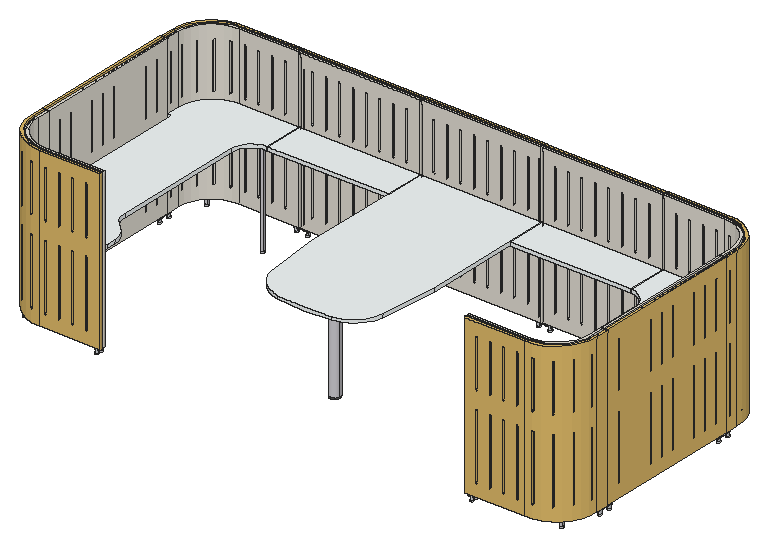
Revit family "1", category Furniture, Revit 2017
Family settings
  OmniClass Number = 23.40.20.00
  OmniClass Title = General Furniture and Specialties
  Work Plane-Based = No
  Always vertical = Yes
  Cut with Voids When Loaded = No
  Shared = No
  Room Calculation Point = No
Parameters (values of type "MZ16(White/Chamomile/Vanilla)")
  Serial No. [instance] = ""
  Remarks = ""
  Product Specifications [instance] = "70 14/16''W (1800W) 47 7/8''H (1215H)"  # constant formula
  Product Number = "MM31CH"  # constant formula
  Product Name [instance] = "Station team unit Double round type"  # constant formula
  Product Code [instance] = "MM31CH"  # constant formula
  Product Categories = "Muffle"  # constant formula
  Panel_Interior = okm_F024
  Panel_Exterior = okm_F027
  Manufacturer = "Okamura Corporation"  # constant formula
  Trim = okm_ZC11
  Leg = okm_Z637
  Kind = "Individual booth unit"  # constant formula
  Keynote = "12490"  # constant formula
  Introduction Date [instance] = ""
  Desktop = okm_MG99
  Common Specification = ""
  Color Name [instance] = "White/Chamomile/Vanilla"
  Color Code [instance] = "MZ16"
  Assembly Code = "E2020200"
  W = 1800.0 mm  # constant formula
  URL = "http://www.okamura.co.jp/"
  Product_URL = ""
  ID [instance] = ""
  H = 1215.0 mm  # constant formula
  D = 4200.0 mm  # constant formula
  Copyright [instance] = "©2019.08 okamura Corp."  # constant formula
Reference planes
  plane 1 "Front": y = -350
  plane 2: z = 0
  plane 3 "Left": x = 0
  plane 4 "Right": x = 4200
  plane 5 "Top": z = 1215
  plane 6 "Back": y = 1450
  plane 7: y = 1500
  plane 8: y = -400
  plane 9: y = 0
Forms (mm)
  Extrusion 1, solid, material "okm_F024" <- "Panel_Interior"
    sketch origin (1300, 0, 0) x (1, 0, 0) y (0, 1, 0)
      loop
        arc (-1268, 1104.12) -> (-1258.969, 1100) -> (-1250, 1104.253) r 11.768
        line (-1250, 1104.253) -> (-1250, 1200.179)
        arc (-1250, 1200.179) -> (-1176.829, 1376.829) -> (-1000.179, 1450) r 249.821
        line (-1000.179, 1450) -> (-554.331, 1450)
        arc (-554.331, 1450) -> (-550.211, 1459.031) -> (-554.464, 1468) r 11.768
        line (-554.464, 1468) -> (-1000.179, 1468)
        arc (-1000.179, 1468) -> (-1189.557, 1389.557) -> (-1268, 1200.179) r 267.821
        line (-1268, 1200.179) -> (-1268, 1104.12)
      loop
        line (2868, 1104.12) -> (2868, 1200.179)
        arc (2868, 1200.179) -> (2789.557, 1389.557) -> (2600.179, 1468) r 267.821
        line (2600.179, 1468) -> (2154.476, 1468)
        arc (2154.476, 1468) -> (2150.223, 1459.031) -> (2154.343, 1450) r 11.768
        line (2154.343, 1450) -> (2600.179, 1450)
        arc (2600.179, 1450) -> (2776.829, 1376.829) -> (2850, 1200.179) r 249.821
        line (2850, 1200.179) -> (2850, 1104.253)
        arc (2850, 1104.253) -> (2858.969, 1100) -> (2868, 1104.12) r 11.768
      loop
        line (-545.633, 1450) -> (345.669, 1450)
        arc (345.669, 1450) -> (349.789, 1459.031) -> (345.536, 1468) r 11.768
        line (345.536, 1468) -> (-545.5, 1468)
        arc (-545.5, 1468) -> (-549.753, 1459.031) -> (-545.633, 1450) r 11.768
      loop
        arc (2145.645, 1450) -> (2149.764, 1459.031) -> (2145.512, 1468) r 11.768
        line (2145.512, 1468) -> (1254.5, 1468)
        arc (1254.5, 1468) -> (1250.247, 1459.031) -> (1254.367, 1450) r 11.768
        line (1254.367, 1450) -> (2145.645, 1450)
      loop
        line (354.367, 1450) -> (1245.669, 1450)
        arc (1245.669, 1450) -> (1249.789, 1459.031) -> (1245.536, 1468) r 11.768
        line (1245.536, 1468) -> (354.5, 1468)
        arc (354.5, 1468) -> (350.247, 1459.031) -> (354.367, 1450) r 11.768
      loop
        line (-1268, 1095.789) -> (-1268, 4.167)
        arc (-1268, 4.167) -> (-1258.969, 0.048) -> (-1250, 4.3) r 11.768
        line (-1250, 4.3) -> (-1250, 1095.655)
        arc (-1250, 1095.655) -> (-1258.969, 1099.908) -> (-1268, 1095.789) r 11.768
      loop
        line (-1268, -4.12) -> (-1268, -100.179)
        arc (-1268, -100.179) -> (-1189.557, -289.557) -> (-1000.179, -368) r 267.821
        line (-1000.179, -368) -> (-554.464, -368)
        arc (-554.464, -368) -> (-550.211, -359.031) -> (-554.331, -350) r 11.768
        line (-554.331, -350) -> (-1000.179, -350)
        arc (-1000.179, -350) -> (-1176.829, -276.829) -> (-1250, -100.179) r 249.821
        line (-1250, -100.179) -> (-1250, -4.253)
        arc (-1250, -4.253) -> (-1258.969, 0) -> (-1268, -4.12) r 11.768
      loop
        arc (2868, 1095.789) -> (2858.969, 1099.908) -> (2850, 1095.655) r 11.768
        line (2850, 1095.655) -> (2850, 4.3)
        arc (2850, 4.3) -> (2858.969, 0.048) -> (2868, 4.167) r 11.768
        line (2868, 4.167) -> (2868, 1095.789)
      loop
        arc (2868, -4.12) -> (2858.969, 0) -> (2850, -4.253) r 11.768
        line (2850, -4.253) -> (2850, -100.179)
        arc (2850, -100.179) -> (2776.829, -276.829) -> (2600.179, -350) r 249.821
        line (2600.179, -350) -> (2154.331, -350)
        arc (2154.331, -350) -> (2150.211, -359.031) -> (2154.464, -368) r 11.768
        line (2154.464, -368) -> (2600.179, -368)
        arc (2600.179, -368) -> (2789.557, -289.557) -> (2868, -100.179) r 267.821
        line (2868, -100.179) -> (2868, -4.12)
    from 50 to 1215
  Extrusion 2, solid, material "okm_Z637" <- "Leg"
    sketch origin (1300, 0, 0) x (1, 0, 0) y (0, 1, 0)
      loop
        circle (-1192.86, 1394.434) r 12
      loop
        circle (-1192.81, -294.363) r 12
      loop
        circle (2792.956, 1394.434) r 12
      loop
        circle (2792.906, -294.363) r 12
      loop
        circle (2193.288, -337.142) r 12
      loop
        circle (2193.35, 1162.878) r 12
      loop
        circle (-593.287, -337.142) r 12
      loop
        circle (-593.35, 1162.878) r 12
    from 0 to 4
  Extrusion 3, solid, material "okm_Z637" <- "Leg"
    sketch origin (1300, 0, 0) x (1, 0, 0) y (0, 1, 0)
      loop
        circle (-1192.873, 1394.439) r 7.5
      loop
        circle (2792.905, 1394.442) r 7.5
      loop
        circle (2792.817, -294.447) r 7.5
      loop
        circle (-1192.774, -294.486) r 7.5
      loop
        circle (-593.295, 1162.857) r 7.5
      loop
        circle (-593.295, -337.142) r 7.5
      loop
        circle (2193.239, 1162.792) r 7.5
      loop
        circle (2193.239, -337.142) r 7.5
    from 4 to 10
  Extrusion 4, solid, material "okm_Z637" <- "Leg"
    sketch origin (1300, 0, 0) x (1, 0, 0) y (0, 1, 0)
      loop
        circle (-1192.9, 1394.451) r 9.25
      loop
        circle (-1192.885, -294.446) r 9.25
      loop
        circle (2792.9, 1394.451) r 9.25
      loop
        circle (2792.886, -294.446) r 9.25
    from 10 to 50
  Extrusion 5, solid, material "okm_Z637" <- "Leg"
    sketch origin (1300, 0, 0) x (1, 0, 0) y (0, 1, 0)
      loop
        circle (-593.295, 1162.833) r 9.5
      loop
        circle (-593.259, -337.15) r 9.5
      loop
        circle (2193.296, 1162.833) r 9.5
      loop
        circle (2193.296, -337.135) r 9.5
    from 10 to 695
  Extrusion 6, solid, material "okm_Z637" <- "Leg"
    sketch origin (1300, 0, 0) x (1, 0, 0) y (0, 1, 0)
      loop
        line (-574.999, 1468) -> (-524.999, 1468) -> (-524.999, 1482) -> (-574.999, 1482) -> (-574.999, 1468)
      loop
        line (372.911, 1468) -> (372.911, 1482) -> (323.949, 1482) -> (323.949, 1468) -> (372.911, 1468)
      loop
        line (1273.949, 1468) -> (1273.949, 1482) -> (1224.988, 1482) -> (1224.988, 1468) -> (1273.949, 1468)
      loop
        line (2174.481, 1468) -> (2174.481, 1482) -> (2125.52, 1482) -> (2125.52, 1468) -> (2174.481, 1468)
      loop
        line (-1269.05, 1124.46) -> (-1283.05, 1124.46) -> (-1283.05, 1075.499) -> (-1269.05, 1075.499) -> (-1269.05, 1124.46)
      loop
        line (-1269.05, 24.46) -> (-1283.05, 24.46) -> (-1283.05, -24.502) -> (-1269.05, -24.502) -> (-1269.05, 24.46)
      loop
        line (2869.051, 1124.46) -> (2869.051, 1075.499) -> (2883.051, 1075.499) -> (2883.051, 1124.46) -> (2869.051, 1124.46)
      loop
        line (2869.051, 24.46) -> (2869.051, -24.502) -> (2883.051, -24.502) -> (2883.051, 24.46) -> (2869.051, 24.46)
    from 30 to 50
  Extrusion 7, void
    sketch origin (1265.485, 748.146, 0) x (1, 0, 0) y (0, 0, -1)
      loop
        line (-807.965, -629.959) -> (-807.965, -150.045)
        arc (-807.965, -150.045) -> (-815.467, -142.544) -> (-822.968, -150.045) r 7.501
        line (-822.968, -150.045) -> (-822.968, -629.959)
        arc (-822.968, -629.959) -> (-815.467, -637.46) -> (-807.965, -629.959) r 7.501
      loop
        line (-707.965, -629.959) -> (-707.965, -150.045)
        arc (-707.965, -150.045) -> (-715.467, -142.544) -> (-722.968, -150.045) r 7.501
        line (-722.968, -150.045) -> (-722.968, -629.959)
        arc (-722.968, -629.959) -> (-715.467, -637.46) -> (-707.965, -629.959) r 7.501
      loop
        line (-607.965, -629.959) -> (-607.965, -150.045)
        arc (-607.965, -150.045) -> (-615.467, -142.544) -> (-622.968, -150.045) r 7.501
        line (-622.968, -150.045) -> (-622.968, -629.959)
        arc (-622.968, -629.959) -> (-615.467, -637.46) -> (-607.965, -629.959) r 7.501
      loop
        line (-408.031, -629.959) -> (-408.031, -150.045)
        arc (-408.031, -150.045) -> (-415.532, -142.544) -> (-423.033, -150.045) r 7.501
        line (-423.033, -150.045) -> (-423.033, -629.959)
        arc (-423.033, -629.959) -> (-415.532, -637.46) -> (-408.031, -629.959) r 7.501
      loop
        line (-107.981, -629.959) -> (-107.981, -150.045)
        arc (-107.981, -150.045) -> (-115.482, -142.544) -> (-122.984, -150.045) r 7.501
        line (-122.984, -150.045) -> (-122.984, -629.959)
        arc (-122.984, -629.959) -> (-115.482, -637.46) -> (-107.981, -629.959) r 7.501
      loop
        line (-308.031, -629.959) -> (-308.031, -150.045)
        arc (-308.031, -150.045) -> (-315.532, -142.544) -> (-323.033, -150.045) r 7.501
        line (-323.033, -150.045) -> (-323.033, -629.959)
        arc (-323.033, -629.959) -> (-315.532, -637.46) -> (-308.031, -629.959) r 7.501
      loop
        line (-207.954, -629.959) -> (-207.954, -150.045)
        arc (-207.954, -150.045) -> (-215.456, -142.544) -> (-222.957, -150.045) r 7.501
        line (-222.957, -150.045) -> (-222.957, -629.959)
        arc (-222.957, -629.959) -> (-215.456, -637.46) -> (-207.954, -629.959) r 7.501
      loop
        line (-7.981, -629.959) -> (-7.981, -150.045)
        arc (-7.981, -150.045) -> (-15.482, -142.544) -> (-22.984, -150.045) r 7.501
        line (-22.984, -150.045) -> (-22.984, -629.959)
        arc (-22.984, -629.959) -> (-15.482, -637.46) -> (-7.981, -629.959) r 7.501
      loop
        line (92.019, -629.959) -> (92.019, -150.045)
        arc (92.019, -150.045) -> (84.518, -142.544) -> (77.016, -150.045) r 7.501
        line (77.016, -150.045) -> (77.016, -629.959)
        arc (77.016, -629.959) -> (84.518, -637.46) -> (92.019, -629.959) r 7.501
      loop
        line (192.019, -629.959) -> (192.019, -150.045)
        arc (192.019, -150.045) -> (184.518, -142.544) -> (177.016, -150.045) r 7.501
        line (177.016, -150.045) -> (177.016, -629.959)
        arc (177.016, -629.959) -> (184.518, -637.46) -> (192.019, -629.959) r 7.501
      loop
        line (292.019, -629.959) -> (292.019, -150.045)
        arc (292.019, -150.045) -> (284.518, -142.544) -> (277.016, -150.045) r 7.501
        line (277.016, -150.045) -> (277.016, -629.959)
        arc (277.016, -629.959) -> (284.518, -637.46) -> (292.019, -629.959) r 7.501
      loop
        line (491.969, -629.959) -> (491.969, -150.045)
        arc (491.969, -150.045) -> (484.468, -142.544) -> (476.967, -150.045) r 7.501
        line (476.967, -150.045) -> (476.967, -629.959)
        arc (476.967, -629.959) -> (484.468, -637.46) -> (491.969, -629.959) r 7.501
      loop
        line (792.019, -629.959) -> (792.019, -150.045)
        arc (792.019, -150.045) -> (784.518, -142.544) -> (777.016, -150.045) r 7.501
        line (777.016, -150.045) -> (777.016, -629.959)
        arc (777.016, -629.959) -> (784.518, -637.46) -> (792.019, -629.959) r 7.501
      loop
        line (591.969, -629.959) -> (591.969, -150.045)
        arc (591.969, -150.045) -> (584.468, -142.544) -> (576.967, -150.045) r 7.501
        line (576.967, -150.045) -> (576.967, -629.959)
        arc (576.967, -629.959) -> (584.468, -637.46) -> (591.969, -629.959) r 7.501
      loop
        line (692.046, -629.959) -> (692.046, -150.045)
        arc (692.046, -150.045) -> (684.544, -142.544) -> (677.043, -150.045) r 7.501
        line (677.043, -150.045) -> (677.043, -629.959)
        arc (677.043, -629.959) -> (684.544, -637.46) -> (692.046, -629.959) r 7.501
      loop
        line (892.019, -629.959) -> (892.019, -150.045)
        arc (892.019, -150.045) -> (884.518, -142.544) -> (877.016, -150.045) r 7.501
        line (877.016, -150.045) -> (877.016, -629.959)
        arc (877.016, -629.959) -> (884.518, -637.46) -> (892.019, -629.959) r 7.501
      loop
        line (992.019, -629.959) -> (992.019, -150.045)
        arc (992.019, -150.045) -> (984.518, -142.544) -> (977.016, -150.045) r 7.501
        line (977.016, -150.045) -> (977.016, -629.959)
        arc (977.016, -629.959) -> (984.518, -637.46) -> (992.019, -629.959) r 7.501
      loop
        line (1092.019, -629.959) -> (1092.019, -150.045)
        arc (1092.019, -150.045) -> (1084.518, -142.544) -> (1077.016, -150.045) r 7.501
        line (1077.016, -150.045) -> (1077.016, -629.959)
        arc (1077.016, -629.959) -> (1084.518, -637.46) -> (1092.019, -629.959) r 7.501
      loop
        line (1192.019, -629.959) -> (1192.019, -150.045)
        arc (1192.019, -150.045) -> (1184.518, -142.544) -> (1177.016, -150.045) r 7.501
        line (1177.016, -150.045) -> (1177.016, -629.959)
        arc (1177.016, -629.959) -> (1184.518, -637.46) -> (1192.019, -629.959) r 7.501
      loop
        line (1391.969, -629.959) -> (1391.969, -150.045)
        arc (1391.969, -150.045) -> (1384.468, -142.544) -> (1376.967, -150.045) r 7.501
        line (1376.967, -150.045) -> (1376.967, -629.959)
        arc (1376.967, -629.959) -> (1384.468, -637.46) -> (1391.969, -629.959) r 7.501
      loop
        line (1692.019, -629.959) -> (1692.019, -150.045)
        arc (1692.019, -150.045) -> (1684.518, -142.544) -> (1677.016, -150.045) r 7.501
        line (1677.016, -150.045) -> (1677.016, -629.959)
        arc (1677.016, -629.959) -> (1684.518, -637.46) -> (1692.019, -629.959) r 7.501
      loop
        line (1491.969, -629.959) -> (1491.969, -150.045)
        arc (1491.969, -150.045) -> (1484.468, -142.544) -> (1476.967, -150.045) r 7.501
        line (1476.967, -150.045) -> (1476.967, -629.959)
        arc (1476.967, -629.959) -> (1484.468, -637.46) -> (1491.969, -629.959) r 7.501
      loop
        line (1592.046, -629.959) -> (1592.046, -150.045)
        arc (1592.046, -150.045) -> (1584.544, -142.544) -> (1577.043, -150.045) r 7.501
        line (1577.043, -150.045) -> (1577.043, -629.959)
        arc (1577.043, -629.959) -> (1584.544, -637.46) -> (1592.046, -629.959) r 7.501
      loop
        line (1792.019, -629.959) -> (1792.019, -150.045)
        arc (1792.019, -150.045) -> (1784.518, -142.544) -> (1777.016, -150.045) r 7.501
        line (1777.016, -150.045) -> (1777.016, -629.959)
        arc (1777.016, -629.959) -> (1784.518, -637.46) -> (1792.019, -629.959) r 7.501
      loop
        line (1892.019, -629.959) -> (1892.019, -150.045)
        arc (1892.019, -150.045) -> (1884.518, -142.544) -> (1877.016, -150.045) r 7.501
        line (1877.016, -150.045) -> (1877.016, -629.959)
        arc (1877.016, -629.959) -> (1884.518, -637.46) -> (1892.019, -629.959) r 7.501
      loop
        line (1992.019, -629.959) -> (1992.019, -150.045)
        arc (1992.019, -150.045) -> (1984.518, -142.544) -> (1977.016, -150.045) r 7.501
        line (1977.016, -150.045) -> (1977.016, -629.959)
        arc (1977.016, -629.959) -> (1984.518, -637.46) -> (1992.019, -629.959) r 7.501
      loop
        line (2092.019, -629.959) -> (2092.019, -150.045)
        arc (2092.019, -150.045) -> (2084.518, -142.544) -> (2077.016, -150.045) r 7.501
        line (2077.016, -150.045) -> (2077.016, -629.959)
        arc (2077.016, -629.959) -> (2084.518, -637.46) -> (2092.019, -629.959) r 7.501
      loop
        line (2292.035, -629.959) -> (2292.035, -150.045)
        arc (2292.035, -150.045) -> (2284.533, -142.544) -> (2277.032, -150.045) r 7.501
        line (2277.032, -150.045) -> (2277.032, -629.959)
        arc (2277.032, -629.959) -> (2284.533, -637.46) -> (2292.035, -629.959) r 7.501
      loop
        line (2392.035, -629.959) -> (2392.035, -150.045)
        arc (2392.035, -150.045) -> (2384.533, -142.544) -> (2377.032, -150.045) r 7.501
        line (2377.032, -150.045) -> (2377.032, -629.959)
        arc (2377.032, -629.959) -> (2384.533, -637.46) -> (2392.035, -629.959) r 7.501
      loop
        line (2492.035, -629.959) -> (2492.035, -150.045)
        arc (2492.035, -150.045) -> (2484.533, -142.544) -> (2477.032, -150.045) r 7.501
        line (2477.032, -150.045) -> (2477.032, -629.959)
        arc (2477.032, -629.959) -> (2484.533, -637.46) -> (2492.035, -629.959) r 7.501
      loop
        line (-907.965, -629.959) -> (-907.965, -150.045)
        arc (-907.965, -150.045) -> (-915.467, -142.544) -> (-922.968, -150.045) r 7.501
        line (-922.968, -150.045) -> (-922.968, -629.959)
        arc (-922.968, -629.959) -> (-915.467, -637.46) -> (-907.965, -629.959) r 7.501
      loop
        line (2592.035, -629.959) -> (2592.035, -150.045)
        arc (2592.035, -150.045) -> (2584.533, -142.544) -> (2577.032, -150.045) r 7.501
        line (2577.032, -150.045) -> (2577.032, -629.959)
        arc (2577.032, -629.959) -> (2584.533, -637.46) -> (2592.035, -629.959) r 7.501
      loop
        line (-807.965, -1115.004) -> (-807.965, -770.006)
        arc (-807.965, -770.006) -> (-815.467, -762.505) -> (-822.968, -770.006) r 7.501
        line (-822.968, -770.006) -> (-822.968, -1115.004)
        arc (-822.968, -1115.004) -> (-815.467, -1122.505) -> (-807.965, -1115.004) r 7.501
      loop
        line (-707.965, -1115.004) -> (-707.965, -770.006)
        arc (-707.965, -770.006) -> (-715.467, -762.505) -> (-722.968, -770.006) r 7.501
        line (-722.968, -770.006) -> (-722.968, -1115.004)
        arc (-722.968, -1115.004) -> (-715.467, -1122.505) -> (-707.965, -1115.004) r 7.501
      loop
        line (-607.965, -1115.004) -> (-607.965, -770.006)
        arc (-607.965, -770.006) -> (-615.467, -762.505) -> (-622.968, -770.006) r 7.501
        line (-622.968, -770.006) -> (-622.968, -1115.004)
        arc (-622.968, -1115.004) -> (-615.467, -1122.505) -> (-607.965, -1115.004) r 7.501
      loop
        line (-408.031, -1115.004) -> (-408.031, -770.006)
        arc (-408.031, -770.006) -> (-415.532, -762.505) -> (-423.033, -770.006) r 7.501
        line (-423.033, -770.006) -> (-423.033, -1115.004)
        arc (-423.033, -1115.004) -> (-415.532, -1122.505) -> (-408.031, -1115.004) r 7.501
      loop
        line (-107.981, -1115.004) -> (-107.981, -770.006)
        arc (-107.981, -770.006) -> (-115.482, -762.505) -> (-122.984, -770.006) r 7.501
        line (-122.984, -770.006) -> (-122.984, -1115.004)
        arc (-122.984, -1115.004) -> (-115.482, -1122.505) -> (-107.981, -1115.004) r 7.501
      loop
        line (-308.031, -1115.004) -> (-308.031, -770.006)
        arc (-308.031, -770.006) -> (-315.532, -762.505) -> (-323.033, -770.006) r 7.501
        line (-323.033, -770.006) -> (-323.033, -1115.004)
        arc (-323.033, -1115.004) -> (-315.532, -1122.505) -> (-308.031, -1115.004) r 7.501
      loop
        line (-207.954, -1115.004) -> (-207.954, -770.006)
        arc (-207.954, -770.006) -> (-215.456, -762.505) -> (-222.957, -770.006) r 7.501
        line (-222.957, -770.006) -> (-222.957, -1115.004)
        arc (-222.957, -1115.004) -> (-215.456, -1122.505) -> (-207.954, -1115.004) r 7.501
      loop
        line (-7.981, -1115.004) -> (-7.981, -770.006)
        arc (-7.981, -770.006) -> (-15.482, -762.505) -> (-22.984, -770.006) r 7.501
        line (-22.984, -770.006) -> (-22.984, -1115.004)
        arc (-22.984, -1115.004) -> (-15.482, -1122.505) -> (-7.981, -1115.004) r 7.501
      loop
        line (92.019, -1115.004) -> (92.019, -770.006)
        arc (92.019, -770.006) -> (84.518, -762.505) -> (77.016, -770.006) r 7.501
        line (77.016, -770.006) -> (77.016, -1115.004)
        arc (77.016, -1115.004) -> (84.518, -1122.505) -> (92.019, -1115.004) r 7.501
      loop
        line (192.019, -1115.004) -> (192.019, -770.006)
        arc (192.019, -770.006) -> (184.518, -762.505) -> (177.016, -770.006) r 7.501
        line (177.016, -770.006) -> (177.016, -1115.004)
        arc (177.016, -1115.004) -> (184.518, -1122.505) -> (192.019, -1115.004) r 7.501
      loop
        line (292.019, -1115.004) -> (292.019, -770.006)
        arc (292.019, -770.006) -> (284.518, -762.505) -> (277.016, -770.006) r 7.501
        line (277.016, -770.006) -> (277.016, -1115.004)
        arc (277.016, -1115.004) -> (284.518, -1122.505) -> (292.019, -1115.004) r 7.501
      loop
        line (491.969, -1115.004) -> (491.969, -770.006)
        arc (491.969, -770.006) -> (484.468, -762.505) -> (476.967, -770.006) r 7.501
        line (476.967, -770.006) -> (476.967, -1115.004)
        arc (476.967, -1115.004) -> (484.468, -1122.505) -> (491.969, -1115.004) r 7.501
      loop
        line (792.019, -1115.004) -> (792.019, -770.006)
        arc (792.019, -770.006) -> (784.518, -762.505) -> (777.016, -770.006) r 7.501
        line (777.016, -770.006) -> (777.016, -1115.004)
        arc (777.016, -1115.004) -> (784.518, -1122.505) -> (792.019, -1115.004) r 7.501
      loop
        line (591.969, -1115.004) -> (591.969, -770.006)
        arc (591.969, -770.006) -> (584.468, -762.505) -> (576.967, -770.006) r 7.501
        line (576.967, -770.006) -> (576.967, -1115.004)
        arc (576.967, -1115.004) -> (584.468, -1122.505) -> (591.969, -1115.004) r 7.501
      loop
        line (692.046, -1115.004) -> (692.046, -770.006)
        arc (692.046, -770.006) -> (684.544, -762.505) -> (677.043, -770.006) r 7.501
        line (677.043, -770.006) -> (677.043, -1115.004)
        arc (677.043, -1115.004) -> (684.544, -1122.505) -> (692.046, -1115.004) r 7.501
      loop
        line (892.019, -1115.004) -> (892.019, -770.006)
        arc (892.019, -770.006) -> (884.518, -762.505) -> (877.016, -770.006) r 7.501
        line (877.016, -770.006) -> (877.016, -1115.004)
        arc (877.016, -1115.004) -> (884.518, -1122.505) -> (892.019, -1115.004) r 7.501
      loop
        line (992.019, -1115.004) -> (992.019, -770.006)
        arc (992.019, -770.006) -> (984.518, -762.505) -> (977.016, -770.006) r 7.501
        line (977.016, -770.006) -> (977.016, -1115.004)
        arc (977.016, -1115.004) -> (984.518, -1122.505) -> (992.019, -1115.004) r 7.501
      loop
        line (1092.019, -1115.004) -> (1092.019, -770.006)
        arc (1092.019, -770.006) -> (1084.518, -762.505) -> (1077.016, -770.006) r 7.501
        line (1077.016, -770.006) -> (1077.016, -1115.004)
        arc (1077.016, -1115.004) -> (1084.518, -1122.505) -> (1092.019, -1115.004) r 7.501
      loop
        line (1192.019, -1115.004) -> (1192.019, -770.006)
        arc (1192.019, -770.006) -> (1184.518, -762.505) -> (1177.016, -770.006) r 7.501
        line (1177.016, -770.006) -> (1177.016, -1115.004)
        arc (1177.016, -1115.004) -> (1184.518, -1122.505) -> (1192.019, -1115.004) r 7.501
      loop
        line (1391.969, -1115.004) -> (1391.969, -770.006)
        arc (1391.969, -770.006) -> (1384.468, -762.505) -> (1376.967, -770.006) r 7.501
        line (1376.967, -770.006) -> (1376.967, -1115.004)
        arc (1376.967, -1115.004) -> (1384.468, -1122.505) -> (1391.969, -1115.004) r 7.501
      loop
        line (1692.019, -1115.004) -> (1692.019, -770.006)
        arc (1692.019, -770.006) -> (1684.518, -762.505) -> (1677.016, -770.006) r 7.501
        line (1677.016, -770.006) -> (1677.016, -1115.004)
        arc (1677.016, -1115.004) -> (1684.518, -1122.505) -> (1692.019, -1115.004) r 7.501
      loop
        line (1491.969, -1115.004) -> (1491.969, -770.006)
        arc (1491.969, -770.006) -> (1484.468, -762.505) -> (1476.967, -770.006) r 7.501
        line (1476.967, -770.006) -> (1476.967, -1115.004)
        arc (1476.967, -1115.004) -> (1484.468, -1122.505) -> (1491.969, -1115.004) r 7.501
      loop
        line (1592.046, -1115.004) -> (1592.046, -770.006)
        arc (1592.046, -770.006) -> (1584.544, -762.505) -> (1577.043, -770.006) r 7.501
        line (1577.043, -770.006) -> (1577.043, -1115.004)
        arc (1577.043, -1115.004) -> (1584.544, -1122.505) -> (1592.046, -1115.004) r 7.501
      loop
        line (1792.019, -1115.004) -> (1792.019, -770.006)
        arc (1792.019, -770.006) -> (1784.518, -762.505) -> (1777.016, -770.006) r 7.501
        line (1777.016, -770.006) -> (1777.016, -1115.004)
        arc (1777.016, -1115.004) -> (1784.518, -1122.505) -> (1792.019, -1115.004) r 7.501
      loop
        line (1892.019, -1115.004) -> (1892.019, -770.006)
        arc (1892.019, -770.006) -> (1884.518, -762.505) -> (1877.016, -770.006) r 7.501
        line (1877.016, -770.006) -> (1877.016, -1115.004)
        arc (1877.016, -1115.004) -> (1884.518, -1122.505) -> (1892.019, -1115.004) r 7.501
      loop
        line (1992.019, -1115.004) -> (1992.019, -770.006)
        arc (1992.019, -770.006) -> (1984.518, -762.505) -> (1977.016, -770.006) r 7.501
        line (1977.016, -770.006) -> (1977.016, -1115.004)
        arc (1977.016, -1115.004) -> (1984.518, -1122.505) -> (1992.019, -1115.004) r 7.501
      loop
        line (2092.019, -1115.004) -> (2092.019, -770.006)
        arc (2092.019, -770.006) -> (2084.518, -762.505) -> (2077.016, -770.006) r 7.501
        line (2077.016, -770.006) -> (2077.016, -1115.004)
        arc (2077.016, -1115.004) -> (2084.518, -1122.505) -> (2092.019, -1115.004) r 7.501
      loop
        line (2292.035, -1115.004) -> (2292.035, -770.006)
        arc (2292.035, -770.006) -> (2284.533, -762.505) -> (2277.032, -770.006) r 7.501
        line (2277.032, -770.006) -> (2277.032, -1115.004)
        arc (2277.032, -1115.004) -> (2284.533, -1122.505) -> (2292.035, -1115.004) r 7.501
      loop
        line (2392.035, -1115.004) -> (2392.035, -770.006)
        arc (2392.035, -770.006) -> (2384.533, -762.505) -> (2377.032, -770.006) r 7.501
        line (2377.032, -770.006) -> (2377.032, -1115.004)
        arc (2377.032, -1115.004) -> (2384.533, -1122.505) -> (2392.035, -1115.004) r 7.501
      loop
        line (2492.035, -1115.004) -> (2492.035, -770.006)
        arc (2492.035, -770.006) -> (2484.533, -762.505) -> (2477.032, -770.006) r 7.501
        line (2477.032, -770.006) -> (2477.032, -1115.004)
        arc (2477.032, -1115.004) -> (2484.533, -1122.505) -> (2492.035, -1115.004) r 7.501
      loop
        line (-907.965, -1115.004) -> (-907.965, -770.006)
        arc (-907.965, -770.006) -> (-915.467, -762.505) -> (-922.968, -770.006) r 7.501
        line (-922.968, -770.006) -> (-922.968, -1115.004)
        arc (-922.968, -1115.004) -> (-915.467, -1122.505) -> (-907.965, -1115.004) r 7.501
      loop
        line (2592.035, -1115.004) -> (2592.035, -770.006)
        arc (2592.035, -770.006) -> (2584.533, -762.505) -> (2577.032, -770.006) r 7.501
        line (2577.032, -770.006) -> (2577.032, -1115.004)
        arc (2577.032, -1115.004) -> (2584.533, -1122.505) -> (2592.035, -1115.004) r 7.501
    from 694.035 to 755.542
  Extrusion 8, void
    sketch origin (0.13, 0, 0) x (0, -1, 0) y (0, 0, 1)
      loop
        arc (-392.567, 629.983) -> (-400.068, 637.484) -> (-407.569, 629.983) r 7.501
        line (-407.569, 629.983) -> (-407.569, 150.07)
        arc (-407.569, 150.07) -> (-400.068, 142.568) -> (-392.567, 150.07) r 7.501
        line (-392.567, 150.07) -> (-392.567, 629.983)
      loop
        arc (-292.567, 629.983) -> (-300.068, 637.484) -> (-307.569, 629.983) r 7.501
        line (-307.569, 629.983) -> (-307.569, 150.07)
        arc (-307.569, 150.07) -> (-300.068, 142.568) -> (-292.567, 150.07) r 7.501
        line (-292.567, 150.07) -> (-292.567, 629.983)
      loop
        arc (-192.567, 629.983) -> (-200.068, 637.484) -> (-207.569, 629.983) r 7.501
        line (-207.569, 629.983) -> (-207.569, 150.07)
        arc (-207.569, 150.07) -> (-200.068, 142.568) -> (-192.567, 150.07) r 7.501
        line (-192.567, 150.07) -> (-192.567, 629.983)
      loop
        arc (-92.567, 629.983) -> (-100.068, 637.484) -> (-107.569, 629.983) r 7.501
        line (-107.569, 629.983) -> (-107.569, 150.07)
        arc (-107.569, 150.07) -> (-100.068, 142.568) -> (-92.567, 150.07) r 7.501
        line (-92.567, 150.07) -> (-92.567, 629.983)
      loop
        arc (-492.499, 629.983) -> (-500, 637.484) -> (-507.501, 629.983) r 7.501
        line (-507.501, 629.983) -> (-507.501, 150.07)
        arc (-507.501, 150.07) -> (-500, 142.568) -> (-492.499, 150.07) r 7.501
        line (-492.499, 150.07) -> (-492.499, 629.983)
      loop
        arc (40.223, 629.983) -> (32.722, 637.484) -> (25.22, 629.983) r 7.501
        line (25.22, 629.983) -> (25.22, 150.07)
        arc (25.22, 150.07) -> (32.722, 142.568) -> (40.223, 150.07) r 7.501
        line (40.223, 150.07) -> (40.223, 629.983)
      loop
        arc (-992.493, 629.983) -> (-999.964, 637.453) -> (-1007.434, 629.983) r 7.47
        line (-1007.434, 629.983) -> (-1007.434, 150.07)
        arc (-1007.434, 150.07) -> (-999.964, 142.599) -> (-992.493, 150.07) r 7.47
        line (-992.493, 150.07) -> (-992.493, 629.983)
      loop
        arc (-1125.233, 629.983) -> (-1132.734, 637.484) -> (-1140.236, 629.983) r 7.501
        line (-1140.236, 629.983) -> (-1140.236, 150.07)
        arc (-1140.236, 150.07) -> (-1132.734, 142.568) -> (-1125.233, 150.07) r 7.501
        line (-1125.233, 150.07) -> (-1125.233, 629.983)
      loop
        arc (-592.499, 629.983) -> (-600, 637.484) -> (-607.501, 629.983) r 7.501
        line (-607.501, 629.983) -> (-607.501, 150.07)
        arc (-607.501, 150.07) -> (-600, 142.568) -> (-592.499, 150.07) r 7.501
        line (-592.499, 150.07) -> (-592.499, 629.983)
      loop
        arc (-692.431, 629.983) -> (-699.932, 637.484) -> (-707.434, 629.983) r 7.501
        line (-707.434, 629.983) -> (-707.434, 150.07)
        arc (-707.434, 150.07) -> (-699.932, 142.568) -> (-692.431, 150.07) r 7.501
        line (-692.431, 150.07) -> (-692.431, 629.983)
      loop
        arc (-792.431, 629.983) -> (-799.932, 637.484) -> (-807.434, 629.983) r 7.501
        line (-807.434, 629.983) -> (-807.434, 150.07)
        arc (-807.434, 150.07) -> (-799.932, 142.568) -> (-792.431, 150.07) r 7.501
        line (-792.431, 150.07) -> (-792.431, 629.983)
      loop
        arc (-892.363, 629.983) -> (-899.865, 637.484) -> (-907.366, 629.983) r 7.501
        line (-907.366, 629.983) -> (-907.366, 150.07)
        arc (-907.366, 150.07) -> (-899.865, 142.568) -> (-892.363, 150.07) r 7.501
        line (-892.363, 150.07) -> (-892.363, 629.983)
      loop
        arc (-392.567, 1115.004) -> (-400.068, 1122.505) -> (-407.569, 1115.004) r 7.501
        line (-407.569, 1115.004) -> (-407.569, 770.006)
        arc (-407.569, 770.006) -> (-400.068, 762.505) -> (-392.567, 770.006) r 7.501
        line (-392.567, 770.006) -> (-392.567, 1115.004)
      loop
        arc (-292.567, 1115.004) -> (-300.068, 1122.505) -> (-307.569, 1115.004) r 7.501
        line (-307.569, 1115.004) -> (-307.569, 770.006)
        arc (-307.569, 770.006) -> (-300.068, 762.505) -> (-292.567, 770.006) r 7.501
        line (-292.567, 770.006) -> (-292.567, 1115.004)
      loop
        arc (-192.567, 1115.004) -> (-200.068, 1122.505) -> (-207.569, 1115.004) r 7.501
        line (-207.569, 1115.004) -> (-207.569, 770.006)
        arc (-207.569, 770.006) -> (-200.068, 762.505) -> (-192.567, 770.006) r 7.501
        line (-192.567, 770.006) -> (-192.567, 1115.004)
      loop
        arc (-92.567, 1115.004) -> (-100.068, 1122.505) -> (-107.569, 1115.004) r 7.501
        line (-107.569, 1115.004) -> (-107.569, 770.006)
        arc (-107.569, 770.006) -> (-100.068, 762.505) -> (-92.567, 770.006) r 7.501
        line (-92.567, 770.006) -> (-92.567, 1115.004)
      loop
        arc (-492.499, 1115.004) -> (-500, 1122.505) -> (-507.501, 1115.004) r 7.501
        line (-507.501, 1115.004) -> (-507.501, 770.006)
        arc (-507.501, 770.006) -> (-500, 762.505) -> (-492.499, 770.006) r 7.501
        line (-492.499, 770.006) -> (-492.499, 1115.004)
      loop
        arc (40.223, 1115.004) -> (32.722, 1122.505) -> (25.22, 1115.004) r 7.501
        line (25.22, 1115.004) -> (25.22, 770.006)
        arc (25.22, 770.006) -> (32.722, 762.505) -> (40.223, 770.006) r 7.501
        line (40.223, 770.006) -> (40.223, 1115.004)
      loop
        arc (-992.493, 1115.004) -> (-999.964, 1122.474) -> (-1007.434, 1115.004) r 7.47
        line (-1007.434, 1115.004) -> (-1007.434, 770.006)
        arc (-1007.434, 770.006) -> (-999.964, 762.536) -> (-992.493, 770.006) r 7.47
        line (-992.493, 770.006) -> (-992.493, 1115.004)
      loop
        arc (-1125.233, 1115.004) -> (-1132.734, 1122.505) -> (-1140.236, 1115.004) r 7.501
        line (-1140.236, 1115.004) -> (-1140.236, 770.006)
        arc (-1140.236, 770.006) -> (-1132.734, 762.505) -> (-1125.233, 770.006) r 7.501
        line (-1125.233, 770.006) -> (-1125.233, 1115.004)
      loop
        arc (-592.499, 1115.004) -> (-600, 1122.505) -> (-607.501, 1115.004) r 7.501
        line (-607.501, 1115.004) -> (-607.501, 770.006)
        arc (-607.501, 770.006) -> (-600, 762.505) -> (-592.499, 770.006) r 7.501
        line (-592.499, 770.006) -> (-592.499, 1115.004)
      loop
        arc (-692.431, 1115.004) -> (-699.932, 1122.505) -> (-707.434, 1115.004) r 7.501
        line (-707.434, 1115.004) -> (-707.434, 770.006)
        arc (-707.434, 770.006) -> (-699.932, 762.505) -> (-692.431, 770.006) r 7.501
        line (-692.431, 770.006) -> (-692.431, 1115.004)
      loop
        arc (-792.431, 1115.004) -> (-799.932, 1122.505) -> (-807.434, 1115.004) r 7.501
        line (-807.434, 1115.004) -> (-807.434, 770.006)
        arc (-807.434, 770.006) -> (-799.932, 762.505) -> (-792.431, 770.006) r 7.501
        line (-792.431, 770.006) -> (-792.431, 1115.004)
      loop
        arc (-892.363, 1115.004) -> (-899.865, 1122.505) -> (-907.366, 1115.004) r 7.501
        line (-907.366, 1115.004) -> (-907.366, 770.006)
        arc (-907.366, 770.006) -> (-899.865, 762.505) -> (-892.363, 770.006) r 7.501
        line (-892.363, 770.006) -> (-892.363, 1115.004)
    from -56.79 to 8.324
  Extrusion 9, void
    sketch origin (-65.468, 848.091, 0) x (-0.207912, -0.978148, 0) y (0, 0, 1)
      loop
        arc (-392.567, 629.983) -> (-400.068, 637.484) -> (-407.569, 629.983) r 7.501
        line (-407.569, 629.983) -> (-407.569, 150.07)
        arc (-407.569, 150.07) -> (-400.068, 142.568) -> (-392.567, 150.07) r 7.501
        line (-392.567, 150.07) -> (-392.567, 629.983)
      loop
        arc (-392.567, 1115.004) -> (-400.068, 1122.505) -> (-407.569, 1115.004) r 7.501
        line (-407.569, 1115.004) -> (-407.569, 770.006)
        arc (-407.569, 770.006) -> (-400.068, 762.505) -> (-392.567, 770.006) r 7.501
        line (-392.567, 770.006) -> (-392.567, 1115.004)
    from -43.271 to 24.931
  Extrusion 10, void
    sketch origin (-168.688, 1019.23, 0) x (-0.57794, -0.816079, 0) y (0, 0, 1)
      loop
        arc (-392.567, 629.983) -> (-400.068, 637.484) -> (-407.569, 629.983) r 7.501
        line (-407.569, 629.983) -> (-407.569, 150.07)
        arc (-407.569, 150.07) -> (-400.068, 142.568) -> (-392.567, 150.07) r 7.501
        line (-392.567, 150.07) -> (-392.567, 629.983)
      loop
        arc (-392.567, 1115.004) -> (-400.068, 1122.505) -> (-407.569, 1115.004) r 7.501
        line (-407.569, 1115.004) -> (-407.569, 770.006)
        arc (-407.569, 770.006) -> (-400.068, 762.505) -> (-392.567, 770.006) r 7.501
        line (-392.567, 770.006) -> (-392.567, 1115.004)
    from -36.752 to 27.862
  Extrusion 11, void
    sketch origin (-187.027, 1194.992, 0) x (-0.825932, -0.56377, 0) y (0, 0, 1)
      loop
        arc (-392.567, 629.983) -> (-400.068, 637.484) -> (-407.569, 629.983) r 7.501
        line (-407.569, 629.983) -> (-407.569, 150.07)
        arc (-407.569, 150.07) -> (-400.068, 142.568) -> (-392.567, 150.07) r 7.501
        line (-392.567, 150.07) -> (-392.567, 629.983)
      loop
        arc (-392.567, 1115.004) -> (-400.068, 1122.505) -> (-407.569, 1115.004) r 7.501
        line (-407.569, 1115.004) -> (-407.569, 770.006)
        arc (-407.569, 770.006) -> (-400.068, 762.505) -> (-392.567, 770.006) r 7.501
        line (-392.567, 770.006) -> (-392.567, 1115.004)
    from -28.676 to 32.897
  Extrusion 12, void
    sketch origin (-145.969, 1377.858, 0) x (-0.980211, -0.197958, 0) y (0, 0, 1)
      loop
        arc (-392.567, 629.983) -> (-400.068, 637.484) -> (-407.569, 629.983) r 7.501
        line (-407.569, 629.983) -> (-407.569, 150.07)
        arc (-407.569, 150.07) -> (-400.068, 142.568) -> (-392.567, 150.07) r 7.501
        line (-392.567, 150.07) -> (-392.567, 629.983)
      loop
        arc (-392.567, 1115.004) -> (-400.068, 1122.505) -> (-407.569, 1115.004) r 7.501
        line (-407.569, 1115.004) -> (-407.569, 770.006)
        arc (-407.569, 770.006) -> (-400.068, 762.505) -> (-392.567, 770.006) r 7.501
        line (-392.567, 770.006) -> (-392.567, 1115.004)
    from -22.878 to 41.663
  Extrusion 13, solid, material "okm_MG99" <- "Desktop"
    sketch origin (-910, 80, 0) x (1, 0, 0) y (0, 1, 0)
      loop
        line (1209.821, -430) -> (1640, -430)
        arc (1640, -430) -> (1654.142, -424.142) -> (1660, -410) r 20
        line (1660, -410) -> (1660, -342.132)
        arc (1660, -342.132) -> (1648.582, -284.73) -> (1616.066, -236.066) r 150
        line (1616.066, -236.066) -> (1554.003, -174.003)
        arc (1554.003, -174.003) -> (1521.437, -125.316) -> (1510, -67.868) r 150
        line (1510, -67.868) -> (1510, 920)
        arc (1510, 920) -> (1553.934, 1026.066) -> (1660, 1070) r 150
        line (1660, 1070) -> (1660, 1370) -> (1210, 1370)
        arc (1210, 1370) -> (1033.223, 1296.777) -> (960, 1120) r 250
        line (960, 1120) -> (960, 1010.028) -> (985.114, 1010.028)
        arc (985.114, 1010.028) -> (995.682, 1005.651) -> (1000.059, 995.083) r 14.945
        line (1000.059, 995.083) -> (1000.059, -55.058)
        arc (1000.059, -55.058) -> (995.659, -65.68) -> (985.037, -70.08) r 15.022
        line (985.037, -70.08) -> (960, -70.08) -> (960, -180.036)
        arc (960, -180.036) -> (1033.171, -356.686) -> (1209.821, -429.857) r 249.821
      loop
        line (4810.179, -430) -> (4380, -430)
        arc (4380, -430) -> (4365.858, -424.142) -> (4360, -410) r 20
        line (4360, -410) -> (4360, -342.132)
        arc (4360, -342.132) -> (4371.418, -284.73) -> (4403.934, -236.066) r 150
        line (4403.934, -236.066) -> (4465.997, -174.003)
        arc (4465.997, -174.003) -> (4498.563, -125.316) -> (4510, -67.868) r 150
        line (4510, -67.868) -> (4510, 920)
        arc (4510, 920) -> (4466.066, 1026.066) -> (4360, 1070) r 150
        line (4360, 1070) -> (4360, 1370) -> (4810, 1370)
        arc (4810, 1370) -> (4986.777, 1296.777) -> (5060, 1120) r 250
        line (5060, 1120) -> (5060, 1010.065) -> (5034.676, 1010.065)
        arc (5034.676, 1010.065) -> (5024.275, 1005.56) -> (5019.993, 995.065) r 15.003
        line (5019.993, 995.065) -> (5019.993, -55.067)
        arc (5019.993, -55.067) -> (5024.385, -65.669) -> (5034.987, -70.061) r 14.994
        line (5034.987, -70.061) -> (5060, -70.061) -> (5060, -180.036)
        arc (5060, -180.036) -> (4986.829, -356.686) -> (4810.179, -429.857) r 249.821
      loop
        line (2560, 1370) -> (2560, 372)
        arc (2560, 372) -> (2569.701, 154.749) -> (2598.726, -60.772) r 2437.5
        arc (2598.726, -60.772) -> (2671.381, -196.501) -> (2809.782, -263.927) r 250
        arc (2809.782, -263.927) -> (3010, -278) -> (3210.218, -263.927) r 1431.25
        arc (3210.218, -263.927) -> (3348.619, -196.501) -> (3421.274, -60.772) r 250
        arc (3421.274, -60.772) -> (3450.299, 154.749) -> (3460, 372) r 2437.5
        line (3460, 372) -> (3460, 1370) -> (2560, 1370)
    from 695 to 720
  Extrusion 14, solid, material "okm_F024" <- "Panel_Interior"
    sketch origin (1300, 0, 0) x (1, 0, 0) y (0, 1, 0)
      loop
        line (-1255, 1125.053) -> (-1255, 1200.053)
        arc (-1255, 1200.053) -> (-1180.328, 1380.328) -> (-1000.053, 1455) r 254.947
        line (-1000.053, 1455) -> (-575, 1455) -> (-575, 1468) -> (-1000.053, 1468)
        arc (-1000.053, 1468) -> (-1189.52, 1389.52) -> (-1268, 1200.053) r 267.947
        line (-1268, 1200.053) -> (-1268, 1125.053) -> (-1255, 1125.053)
      loop
        line (-525, 1455) -> (325, 1455) -> (325, 1468) -> (-525, 1468) -> (-525, 1455)
      loop
        line (2125.573, 1455) -> (2125.573, 1468) -> (1275, 1468) -> (1275, 1455) -> (2125.573, 1455)
      loop
        line (2855, 1125.053) -> (2868, 1125.053) -> (2868, 1200.053)
        arc (2868, 1200.053) -> (2789.52, 1389.52) -> (2600.053, 1468) r 267.947
        line (2600.053, 1468) -> (2175.573, 1468) -> (2175.573, 1455) -> (2600.053, 1455)
        arc (2600.053, 1455) -> (2780.328, 1380.328) -> (2855, 1200.053) r 254.947
        line (2855, 1200.053) -> (2855, 1125.053)
      loop
        line (375, 1455) -> (1225, 1455) -> (1225, 1468) -> (375, 1468) -> (375, 1455)
      loop
        line (-1255, 1074.947) -> (-1268, 1074.947) -> (-1268, 25.053) -> (-1255, 25.053) -> (-1255, 1074.947)
      loop
        line (-1255, -25.053) -> (-1268, -25.053) -> (-1268, -100.053)
        arc (-1268, -100.053) -> (-1189.52, -289.52) -> (-1000.053, -368) r 267.947
        line (-1000.053, -368) -> (-575, -368) -> (-575, -355) -> (-1000.053, -355)
        arc (-1000.053, -355) -> (-1180.328, -280.328) -> (-1255, -100.053) r 254.947
        line (-1255, -100.053) -> (-1255, -25.053)
      loop
        line (2855, 1074.947) -> (2855, 25.053) -> (2868, 25.053) -> (2868, 1074.947) -> (2855, 1074.947)
      loop
        line (2855, -25.053) -> (2855, -100.053)
        arc (2855, -100.053) -> (2780.328, -280.328) -> (2600.053, -355) r 254.947
        line (2600.053, -355) -> (2175, -355) -> (2175, -368) -> (2600.053, -368)
        arc (2600.053, -368) -> (2789.52, -289.52) -> (2868, -100.053) r 267.947
        line (2868, -100.053) -> (2868, -25.053) -> (2855, -25.053)
    from 75 to 1140.835
  Extrusion 15, solid, material "okm_F027" <- "Panel_Exterior"
    sketch origin (1300, 0, 0) x (1, 0, 0) y (0, 1, 0)
      loop
        arc (-1300, 1104.157) -> (-1290.969, 1100.037) -> (-1282, 1104.29) r 11.768
        line (-1282, 1104.29) -> (-1282, 1200.179)
        arc (-1282, 1200.179) -> (-1199.456, 1399.457) -> (-1000.179, 1482) r 281.821
        line (-1000.179, 1482) -> (-554.33, 1482)
        arc (-554.33, 1482) -> (-550.21, 1491.031) -> (-554.463, 1500) r 11.768
        line (-554.463, 1500) -> (-1000.179, 1500)
        arc (-1000.179, 1500) -> (-1212.184, 1412.184) -> (-1300, 1200.179) r 299.821
        line (-1300, 1200.179) -> (-1300, 1104.157)
      loop
        line (2900, 1104.12) -> (2900, 1200.179)
        arc (2900, 1200.179) -> (2812.185, 1412.184) -> (2600.179, 1500) r 299.821
        line (2600.179, 1500) -> (2154.486, 1500)
        arc (2154.486, 1500) -> (2150.233, 1491.031) -> (2154.352, 1482) r 11.768
        line (2154.352, 1482) -> (2600.179, 1482)
        arc (2600.179, 1482) -> (2799.457, 1399.457) -> (2882, 1200.179) r 281.821
        line (2882, 1200.179) -> (2882, 1104.253)
        arc (2882, 1104.253) -> (2890.969, 1100) -> (2900, 1104.12) r 11.768
      loop
        line (-545.632, 1482) -> (345.665, 1482)
        arc (345.665, 1482) -> (349.785, 1491.031) -> (345.532, 1500) r 11.768
        line (345.532, 1500) -> (-545.499, 1500)
        arc (-545.499, 1500) -> (-549.752, 1491.031) -> (-545.632, 1482) r 11.768
      loop
        arc (2145.655, 1482) -> (2149.774, 1491.031) -> (2145.521, 1500) r 11.768
        line (2145.521, 1500) -> (1254.458, 1500)
        arc (1254.458, 1500) -> (1250.205, 1491.031) -> (1254.325, 1482) r 11.768
        line (1254.325, 1482) -> (2145.655, 1482)
      loop
        line (354.363, 1482) -> (1245.627, 1482)
        arc (1245.627, 1482) -> (1249.747, 1491.031) -> (1245.494, 1500) r 11.768
        line (1245.494, 1500) -> (354.496, 1500)
        arc (354.496, 1500) -> (350.243, 1491.031) -> (354.363, 1482) r 11.768
      loop
        line (-1300, -4.157) -> (-1300, -100.179)
        arc (-1300, -100.179) -> (-1212.184, -312.184) -> (-1000.179, -400) r 299.821
        line (-1000.179, -400) -> (-554.463, -400)
        arc (-554.463, -400) -> (-550.21, -391.031) -> (-554.33, -382) r 11.768
        line (-554.33, -382) -> (-1000.179, -382)
        arc (-1000.179, -382) -> (-1199.456, -299.456) -> (-1282, -100.179) r 281.821
        line (-1282, -100.179) -> (-1282, -4.29)
        arc (-1282, -4.29) -> (-1290.969, -0.037) -> (-1300, -4.157) r 11.768
      loop
        arc (2900, -4.12) -> (2890.969, 0) -> (2882, -4.253) r 11.768
        line (2882, -4.253) -> (2882, -100.179)
        arc (2882, -100.179) -> (2799.457, -299.456) -> (2600.179, -382) r 281.821
        line (2600.179, -382) -> (2154.352, -382)
        arc (2154.352, -382) -> (2150.233, -391.031) -> (2154.486, -400) r 11.768
        line (2154.486, -400) -> (2600.179, -400)
        arc (2600.179, -400) -> (2812.185, -312.184) -> (2900, -100.179) r 299.821
        line (2900, -100.179) -> (2900, -4.12)
      loop
        line (-1300, 1095.843) -> (-1300, 4.12)
        arc (-1300, 4.12) -> (-1290.969, 0) -> (-1282, 4.253) r 11.768
        line (-1282, 4.253) -> (-1282, 1095.71)
        arc (-1282, 1095.71) -> (-1290.969, 1099.963) -> (-1300, 1095.843) r 11.768
      loop
        arc (2900, 1095.843) -> (2890.969, 1099.963) -> (2882, 1095.71) r 11.768
        line (2882, 1095.71) -> (2882, 4.253)
        arc (2882, 4.253) -> (2890.969, 0) -> (2900, 4.12) r 11.768
        line (2900, 4.12) -> (2900, 1095.843)
    from 50 to 1215
  Extrusion 16, solid, material "okm_ZC11" <- "Trim"
    sketch origin (1300, 0, 0) x (1, 0, 0) y (0, 1, 0)
      loop
        line (-560, 1482) -> (-1000.053, 1482)
        arc (-1000.053, 1482) -> (-1199.419, 1399.42) -> (-1282, 1200.053) r 281.947
        line (-1282, 1200.053) -> (-1282, 1109.47) -> (-1268, 1109.47) -> (-1268, 1200.053)
        arc (-1268, 1200.053) -> (-1189.52, 1389.52) -> (-1000.053, 1468) r 267.947
        line (-1000.053, 1468) -> (-560, 1468) -> (-560, 1482)
      loop
        line (2868, 1109.293) -> (2882, 1109.293) -> (2882, 1200.053)
        arc (2882, 1200.053) -> (2799.42, 1399.42) -> (2600.053, 1482) r 281.947
        line (2600.053, 1482) -> (2159.709, 1482) -> (2159.709, 1468) -> (2600.053, 1468)
        arc (2600.053, 1468) -> (2789.52, 1389.52) -> (2868, 1200.053) r 267.947
        line (2868, 1200.053) -> (2868, 1109.293)
      loop
        line (-540, 1482) -> (-540, 1468) -> (340.134, 1468) -> (340.134, 1482) -> (-540, 1482)
      loop
        line (2139.977, 1482) -> (1259.866, 1482) -> (1259.866, 1468) -> (2139.977, 1468) -> (2139.977, 1482)
      loop
        line (1240.134, 1482) -> (359.866, 1482) -> (359.866, 1468) -> (1240.134, 1468) -> (1240.134, 1482)
      loop
        line (-1268, 1090.488) -> (-1282, 1090.488) -> (-1282, 9.47) -> (-1268, 9.47) -> (-1268, 1090.488)
      loop
        line (-1268, -9.47) -> (-1282, -9.47) -> (-1282, -100.053)
        arc (-1282, -100.053) -> (-1199.419, -299.42) -> (-1000.053, -382) r 281.947
        line (-1000.053, -382) -> (-560, -382) -> (-560, -368) -> (-1000.053, -368)
        arc (-1000.053, -368) -> (-1189.52, -289.52) -> (-1268, -100.053) r 267.947
        line (-1268, -100.053) -> (-1268, -9.47)
      loop
        line (2868, 1090.488) -> (2868, 9.47) -> (2882, 9.47) -> (2882, 1090.488) -> (2868, 1090.488)
      loop
        line (2868, -9.47) -> (2868, -100.053)
        arc (2868, -100.053) -> (2789.52, -289.52) -> (2600.053, -368) r 267.947
        line (2600.053, -368) -> (2160, -368) -> (2160, -382) -> (2600.053, -382)
        arc (2600.053, -382) -> (2799.42, -299.42) -> (2882, -100.053) r 281.947
        line (2882, -100.053) -> (2882, -9.47) -> (2868, -9.47)
    from 55 to 1210
  Extrusion 17, solid, material "okm_F027" <- "Panel_Exterior"
    sketch origin (1300, 0, 0) x (1, 0, 0) y (0, 1, 0)
      loop
        line (-524.391, 1495) -> (-524.391, 1482) -> (325.609, 1482) -> (325.609, 1495) -> (-524.391, 1495)
      loop
        line (2895, 1125.053) -> (2895, 1200.053)
        arc (2895, 1200.053) -> (2808.612, 1408.612) -> (2600.053, 1495) r 294.947
        line (2600.053, 1495) -> (2175, 1495) -> (2175, 1482) -> (2600.053, 1482)
        arc (2600.053, 1482) -> (2799.42, 1399.42) -> (2882, 1200.053) r 281.947
        line (2882, 1200.053) -> (2882, 1125.053) -> (2895, 1125.053)
      loop
        line (2125, 1482) -> (2125, 1495) -> (1275.609, 1495) -> (1275.609, 1482) -> (2125, 1482)
      loop
        line (375.609, 1482) -> (1225.609, 1482) -> (1225.609, 1495) -> (375.609, 1495) -> (375.609, 1482)
      loop
        line (2895, 1074.947) -> (2882, 1074.947) -> (2882, 22.742) -> (2895, 22.742) -> (2895, 1074.947)
      loop
        line (-1295, 1125.053) -> (-1282, 1125.053) -> (-1282, 1200.053)
        arc (-1282, 1200.053) -> (-1199.419, 1399.42) -> (-1000.053, 1482) r 281.947
        line (-1000.053, 1482) -> (-575, 1482) -> (-575, 1495) -> (-1000.053, 1495)
        arc (-1000.053, 1495) -> (-1208.612, 1408.612) -> (-1295, 1200.053) r 294.947
        line (-1295, 1200.053) -> (-1295, 1125.053)
      loop
        line (-1295, 1074.947) -> (-1295, 22.742) -> (-1282, 22.742) -> (-1282, 1074.947) -> (-1295, 1074.947)
      loop
        line (2895, -24.953) -> (2882, -24.953) -> (2882, -99.953)
        arc (2882, -99.953) -> (2799.42, -299.32) -> (2600.053, -381.9) r 281.947
        line (2600.053, -381.9) -> (2175, -381.9) -> (2175, -394.9) -> (2600.053, -394.9)
        arc (2600.053, -394.9) -> (2808.612, -308.512) -> (2895, -99.953) r 294.947
        line (2895, -99.953) -> (2895, -24.953)
      loop
        line (-1295, -24.953) -> (-1295, -99.953)
        arc (-1295, -99.953) -> (-1208.612, -308.512) -> (-1000.053, -394.9) r 294.947
        line (-1000.053, -394.9) -> (-575, -394.9) -> (-575, -381.9) -> (-1000.053, -381.9)
        arc (-1000.053, -381.9) -> (-1199.419, -299.32) -> (-1282, -99.953) r 281.947
        line (-1282, -99.953) -> (-1282, -24.953) -> (-1295, -24.953)
    from 75 to 1140.835
  Extrusion 18, void
    sketch origin (-65.158, 252.004, 0) x (-0.207912, 0.978148, 0) y (0, 0, -1)
      loop
        line (-392.567, -629.983) -> (-392.567, -150.07)
        arc (-392.567, -150.07) -> (-400.068, -142.568) -> (-407.569, -150.07) r 7.501
        line (-407.569, -150.07) -> (-407.569, -629.983)
        arc (-407.569, -629.983) -> (-400.068, -637.484) -> (-392.567, -629.983) r 7.501
      loop
        line (-392.567, -1115.004) -> (-392.567, -770.006)
        arc (-392.567, -770.006) -> (-400.068, -762.505) -> (-407.569, -770.006) r 7.501
        line (-407.569, -770.006) -> (-407.569, -1115.004)
        arc (-407.569, -1115.004) -> (-400.068, -1122.505) -> (-392.567, -1115.004) r 7.501
    from -43.271 to 24.931
  Extrusion 19, void
    sketch origin (-168.378, 80.865, 0) x (-0.57794, 0.816079, 0) y (0, 0, -1)
      loop
        line (-392.567, -629.983) -> (-392.567, -150.07)
        arc (-392.567, -150.07) -> (-400.068, -142.568) -> (-407.569, -150.07) r 7.501
        line (-407.569, -150.07) -> (-407.569, -629.983)
        arc (-407.569, -629.983) -> (-400.068, -637.484) -> (-392.567, -629.983) r 7.501
      loop
        line (-392.567, -1115.004) -> (-392.567, -770.07)
        arc (-392.567, -770.07) -> (-400.068, -762.568) -> (-407.569, -770.07) r 7.501
        line (-407.569, -770.07) -> (-407.569, -1115.004)
        arc (-407.569, -1115.004) -> (-400.068, -1122.505) -> (-392.567, -1115.004) r 7.501
    from -36.752 to 27.862
  Extrusion 20, void
    sketch origin (-186.716, -94.896, 0) x (-0.825932, 0.56377, 0) y (0, 0, -1)
      loop
        line (-392.567, -629.983) -> (-392.567, -150.07)
        arc (-392.567, -150.07) -> (-400.068, -142.568) -> (-407.569, -150.07) r 7.501
        line (-407.569, -150.07) -> (-407.569, -629.983)
        arc (-407.569, -629.983) -> (-400.068, -637.484) -> (-392.567, -629.983) r 7.501
      loop
        line (-392.567, -1115.004) -> (-392.567, -770.006)
        arc (-392.567, -770.006) -> (-400.068, -762.505) -> (-407.569, -770.006) r 7.501
        line (-407.569, -770.006) -> (-407.569, -1115.004)
        arc (-407.569, -1115.004) -> (-400.068, -1122.505) -> (-392.567, -1115.004) r 7.501
    from -28.676 to 32.897
  Extrusion 21, void
    sketch origin (-145.659, -277.762, 0) x (-0.980211, 0.197958, 0) y (0, 0, -1)
      loop
        line (-392.567, -629.983) -> (-392.567, -150.07)
        arc (-392.567, -150.07) -> (-400.068, -142.568) -> (-407.569, -150.07) r 7.501
        line (-407.569, -150.07) -> (-407.569, -629.983)
        arc (-407.569, -629.983) -> (-400.068, -637.484) -> (-392.567, -629.983) r 7.501
      loop
        line (-392.567, -1115.004) -> (-392.567, -770.006)
        arc (-392.567, -770.006) -> (-400.068, -762.505) -> (-407.569, -770.006) r 7.501
        line (-407.569, -770.006) -> (-407.569, -1115.004)
        arc (-407.569, -1115.004) -> (-400.068, -1122.505) -> (-392.567, -1115.004) r 7.501
    from -22.878 to 41.663
  Extrusion 22, void
    sketch origin (1265.486, -1102.396, 0) x (1, 0, 0) y (0, 0, -1)
      loop
        line (-807.965, -629.959) -> (-807.965, -150.045)
        arc (-807.965, -150.045) -> (-815.467, -142.544) -> (-822.968, -150.045) r 7.501
        line (-822.968, -150.045) -> (-822.968, -629.959)
        arc (-822.968, -629.959) -> (-815.467, -637.46) -> (-807.965, -629.959) r 7.501
      loop
        line (-707.965, -629.959) -> (-707.965, -150.045)
        arc (-707.965, -150.045) -> (-715.467, -142.544) -> (-722.968, -150.045) r 7.501
        line (-722.968, -150.045) -> (-722.968, -629.959)
        arc (-722.968, -629.959) -> (-715.467, -637.46) -> (-707.965, -629.959) r 7.501
      loop
        line (-607.965, -629.959) -> (-607.965, -150.045)
        arc (-607.965, -150.045) -> (-615.467, -142.544) -> (-622.968, -150.045) r 7.501
        line (-622.968, -150.045) -> (-622.968, -629.959)
        arc (-622.968, -629.959) -> (-615.467, -637.46) -> (-607.965, -629.959) r 7.501
      loop
        line (-907.965, -629.959) -> (-907.965, -150.045)
        arc (-907.965, -150.045) -> (-915.467, -142.544) -> (-922.968, -150.045) r 7.501
        line (-922.968, -150.045) -> (-922.968, -629.959)
        arc (-922.968, -629.959) -> (-915.467, -637.46) -> (-907.965, -629.959) r 7.501
      loop
        line (2392.035, -629.959) -> (2392.035, -150.045)
        arc (2392.035, -150.045) -> (2384.533, -142.544) -> (2377.032, -150.045) r 7.501
        line (2377.032, -150.045) -> (2377.032, -629.959)
        arc (2377.032, -629.959) -> (2384.533, -637.46) -> (2392.035, -629.959) r 7.501
      loop
        line (2492.035, -629.959) -> (2492.035, -150.045)
        arc (2492.035, -150.045) -> (2484.533, -142.544) -> (2477.032, -150.045) r 7.501
        line (2477.032, -150.045) -> (2477.032, -629.959)
        arc (2477.032, -629.959) -> (2484.533, -637.46) -> (2492.035, -629.959) r 7.501
      loop
        line (2592.035, -629.959) -> (2592.035, -150.045)
        arc (2592.035, -150.045) -> (2584.533, -142.544) -> (2577.032, -150.045) r 7.501
        line (2577.032, -150.045) -> (2577.032, -629.959)
        arc (2577.032, -629.959) -> (2584.533, -637.46) -> (2592.035, -629.959) r 7.501
      loop
        line (2292.035, -629.959) -> (2292.035, -150.045)
        arc (2292.035, -150.045) -> (2284.533, -142.544) -> (2277.032, -150.045) r 7.501
        line (2277.032, -150.045) -> (2277.032, -629.959)
        arc (2277.032, -629.959) -> (2284.533, -637.46) -> (2292.035, -629.959) r 7.501
      loop
        line (-807.965, -1115.004) -> (-807.965, -770.006)
        arc (-807.965, -770.006) -> (-815.467, -762.505) -> (-822.968, -770.006) r 7.501
        line (-822.968, -770.006) -> (-822.968, -1115.004)
        arc (-822.968, -1115.004) -> (-815.467, -1122.505) -> (-807.965, -1115.004) r 7.501
      loop
        line (-707.965, -1115.004) -> (-707.965, -770.006)
        arc (-707.965, -770.006) -> (-715.467, -762.505) -> (-722.968, -770.006) r 7.501
        line (-722.968, -770.006) -> (-722.968, -1115.004)
        arc (-722.968, -1115.004) -> (-715.467, -1122.505) -> (-707.965, -1115.004) r 7.501
      loop
        line (-607.965, -1115.004) -> (-607.965, -770.006)
        arc (-607.965, -770.006) -> (-615.467, -762.505) -> (-622.968, -770.006) r 7.501
        line (-622.968, -770.006) -> (-622.968, -1115.004)
        arc (-622.968, -1115.004) -> (-615.467, -1122.505) -> (-607.965, -1115.004) r 7.501
      loop
        line (-907.965, -1115.004) -> (-907.965, -770.006)
        arc (-907.965, -770.006) -> (-915.467, -762.505) -> (-922.968, -770.006) r 7.501
        line (-922.968, -770.006) -> (-922.968, -1115.004)
        arc (-922.968, -1115.004) -> (-915.467, -1122.505) -> (-907.965, -1115.004) r 7.501
      loop
        line (2392.035, -1115.004) -> (2392.035, -770.006)
        arc (2392.035, -770.006) -> (2384.533, -762.505) -> (2377.032, -770.006) r 7.501
        line (2377.032, -770.006) -> (2377.032, -1115.004)
        arc (2377.032, -1115.004) -> (2384.533, -1122.505) -> (2392.035, -1115.004) r 7.501
      loop
        line (2492.035, -1115.004) -> (2492.035, -770.006)
        arc (2492.035, -770.006) -> (2484.533, -762.505) -> (2477.032, -770.006) r 7.501
        line (2477.032, -770.006) -> (2477.032, -1115.004)
        arc (2477.032, -1115.004) -> (2484.533, -1122.505) -> (2492.035, -1115.004) r 7.501
      loop
        line (2592.035, -1115.004) -> (2592.035, -770.006)
        arc (2592.035, -770.006) -> (2584.533, -762.505) -> (2577.032, -770.006) r 7.501
        line (2577.032, -770.006) -> (2577.032, -1115.004)
        arc (2577.032, -1115.004) -> (2584.533, -1122.505) -> (2592.035, -1115.004) r 7.501
      loop
        line (2292.035, -1115.004) -> (2292.035, -770.006)
        arc (2292.035, -770.006) -> (2284.533, -762.505) -> (2277.032, -770.006) r 7.501
        line (2277.032, -770.006) -> (2277.032, -1115.004)
        arc (2277.032, -1115.004) -> (2284.533, -1122.505) -> (2292.035, -1115.004) r 7.501
    from 694.035 to 755.542
  Extrusion 23, void
    sketch origin (4199.906, 0, 0) x (0, -1, 0) y (0, 0, -1)
      loop
        line (-392.567, -629.983) -> (-392.567, -150.07)
        arc (-392.567, -150.07) -> (-400.068, -142.568) -> (-407.569, -150.07) r 7.501
        line (-407.569, -150.07) -> (-407.569, -629.983)
        arc (-407.569, -629.983) -> (-400.068, -637.484) -> (-392.567, -629.983) r 7.501
      loop
        line (-292.567, -629.983) -> (-292.567, -150.07)
        arc (-292.567, -150.07) -> (-300.068, -142.568) -> (-307.569, -150.07) r 7.501
        line (-307.569, -150.07) -> (-307.569, -629.983)
